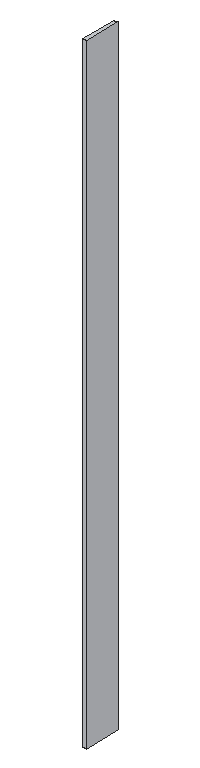
Revit family "StructuralColumns_FreeformProfile", category Structural Columns, Revit 2018
Family settings
  Section Shape = Rectangle
  Material for Model Behavior = Steel
  Always export as geometry = No
  Beam cutback in plan = From bounding box
  Cut with Voids When Loaded = No
  Symbolic Representation = From Project Settings
  Shared = No
  Show family pre-cut in plan views = Yes
Parameters (values of type "RectangleProfile")
  Width = 15 mm
  Structural Material [instance] = none
  Height = 150 mm
  Assembly Code = ""
Reference planes
  plane 1 "Center (Front/Back)": y = 0
  plane 2: z = 0
  plane 3 "Center (Left/Right)": x = 0
  plane 4: x = -7.5
  plane 5: x = 7.5
  plane 6: y = 75
  plane 7: y = -75
Forms (mm)
  Extrusion 1, solid, material <- "Structural Material", detail levels medium+fine
    sketch origin (0, 0, 0) x (1, 0, 0) y (0, 1, 0)
      loop
        line (-7.5, 75) -> (-7.5, -75) -> (7.5, -75) -> (7.5, 75) -> (-7.5, 75)
    from 0 to 2500
Lines and regions (mm)
  symbolic lines, style "StructuralColumnStickSymbols", detail levels coarse
    curve 1: line (-7.5, 75, 0) -> (7.5, 75, 0)
    curve 2: line (-7.5, -75, 0) -> (7.5, -75, 0)
    curve 3: line (-7.5, 75, 0) -> (-7.5, -75, 0)
    curve 4: line (7.5, 75, 0) -> (7.5, -75, 0)
Dimensions and locks
  equal spacing: plane 4, plane 3 "Center (Left/Right)", plane 5
  equal spacing: plane 7, plane 1 "Center (Front/Back)", plane 6
  "Height": plane 7 to plane 6
  "Width": plane 4 to plane 5
  aligned and locked: plane 6 to Extrusion 1 sketch curve
  aligned and locked: Extrusion 1 sketch curve to plane 7
  aligned and locked: Extrusion 1 sketch curve to plane 4
  aligned and locked: plane 5 to Extrusion 1 sketch curve
  aligned and locked: level to Extrusion 1
  aligned and locked: level to plane 2
  aligned and locked: Extrusion 1 to plane 2
Automatic sketch dimensions
  curve 3 to plane 4 = 0 mm
  curve 2 to plane 5 = 0 mm
  curve 3 to plane 7 = 0 mm
  curve 3 to plane 6 = 0 mm
